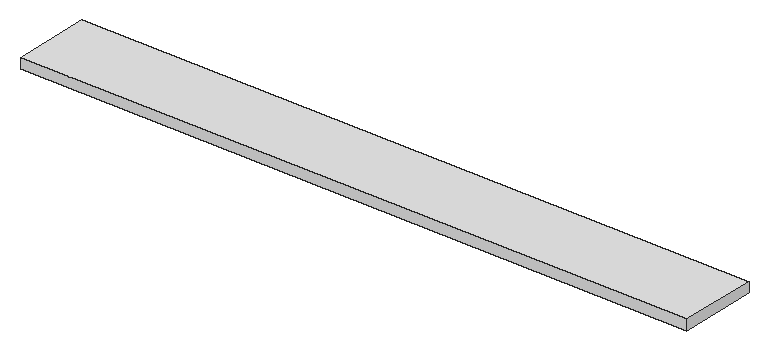
Revit family "11-TRIMBOARD-AND-STEALTH-TRIM-CADS-87-1x6-trim-4-REVIT_Versatex-Generic-Model-1in-x-6in-TRIMBOARD", category Generic Models, host Face, Revit 2026
Family settings
  Host = Face
  Can host rebar = No
  Round Connector Dimension = Use Diameter
  Part Type = Normal
  Cut with Voids When Loaded = No
  Maintain Annotation Orientation = No
  Shared = No
  Room Calculation Point = No
Parameters
  Model = "TBSM/TR010618"
  Length = 4' - 0"
  Warranty = "https://versatex.com/warranty/"
  URL = "https://versatex.com/"
  Specification = "https://www.arcat.com/company/versatex-45716/spec?coid=45716"
  Sales Information = "https://versatex.com/dealer-locator/"
  Message Manufacturer = "https://versatex.com/contact/"
  Material = Versatex PVC - Smooth
  Manufacturer Website = "https://versatex.com/"
  Manufacturer Phone = "724-857-1111"
  Manufacturer Fax = "724-857-1171"
  Manufacturer Address = "400 Steel Street, Aliquippa, PA 15001"
  Manufacturer = "Versatex"
  Literature = "https://versatex.com/literature/?_sft_literature_category=cads"
  Description = "NOMINAL 1” x 6” TRIMBOARD"
  Default Elevation = 4' - 0"
  Copyright = "© 2024 VERSATEX Building Products, LLC"
Reference planes (in)
  plane 1 "Center (Front/Back)": y = 0
  plane 2: z = 0
  plane 3 "Center (Left/Right)": x = 0
  plane 4: x = 24
  plane 5: x = -24
Forms (in)
  Sweep 1, solid, material "Versatex PVC - Smooth" <- "Material"
    path origin (0, 0, 0) x (1, 0, 0) y (0, 1, 0)
      loop
        line (-24, 0) -> (24, 0)
    profile "Versatex_Profile_1” x 6” TRIMBOARD : Versatex_Profile_1” x 6” TRIMBOARD" origin (0, 0, 0) x (0, 1, 0) y (0, 0, 1)
      loop
        line (0, 0) -> (5.5, 0) -> (5.5, 0.75) -> (0, 0.75) -> (0, 0)
Dimensions and locks (in)
  "Length": plane 5 to plane 4
  equal spacing: plane 5, plane 3 "Center (Left/Right)", plane 4, locked at 24 each
  aligned and locked: plane 2 to host face
  aligned and locked: level to host face
Automatic sketch dimensions
  host sketch curve to host sketch curve = 8' - 0"  (x2)
  plane 1 "Center (Front/Back)" to Sweep 1 sketch curve = 0' - 0"
  Sweep 1 sketch curve to plane 5 = 0' - 0"
  Sweep 1 sketch curve to plane 4 = 0' - 0"
